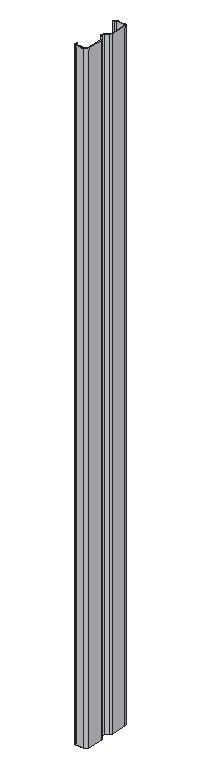
Revit family "SC_SigmaC", category Structural Columns, Revit 2022
Family settings
  Section Shape = Not Defined
  Material for Model Behavior = Steel
  Always export as geometry = No
  Beam cutback in plan = From bounding box
  Cut with Voids When Loaded = No
  Symbolic Representation = From Project Settings
  Shared = No
  Show family pre-cut in plan views = Yes
Parameters (values of type "SIGMA C 200x50x3")
  h = 10 mm
  e = 3 mm
  Structural Material [instance] = ASTM A36
  R2 = 3 mm
  H = 200 mm
  B = 50 mm
  Assembly Code = ""
  D = 20 mm
  R = 8 mm
Types (3, lengths in mm): name | H | B
  SIGMA C 300x75x3 | 300 | 75
  SIGMA C 250x75x3 | 250 | 75
  SIGMA C 200x50x3 | 200 | 50
Reference planes
  plane 1: y = 0
  plane 2: z = 0
  plane 3: x = 0
Forms (mm)
  Sweep 1, solid
    path origin (0, 0, 0) x (-1, 0, 0) y (0, 0, 1)
      loop
        line (0, 0) -> (0, 2500)
    profile "SigmaC : SigmaC" origin (0, 0, 1250) x (1, 0, 0) y (0, 1, 0)
      loop
        arc (-3, 27.577) -> (-3.609, 24.516) -> (-5.343, 21.92) r 8
        line (-5.343, 21.92) -> (-19.485, 7.778)
        arc (-19.485, 7.778) -> (-21.87, 4.21) -> (-22.707, 0) r 11
        arc (-22.707, 0) -> (-21.87, -4.21) -> (-19.485, -7.778) r 11
        line (-19.485, -7.778) -> (-5.343, -21.92)
        arc (-5.343, -21.92) -> (-3.609, -24.516) -> (-3, -27.577) r 8
        line (-3, -27.577) -> (-3, -89)
        arc (-3, -89) -> (-5.343, -94.657) -> (-11, -97) r 8
        line (-11, -97) -> (-44, -97)
        arc (-44, -97) -> (-46.121, -96.121) -> (-47, -94) r 3
        line (-47, -94) -> (-47, -90) -> (-50, -90) -> (-50, -94)
        arc (-50, -94) -> (-48.243, -98.243) -> (-44, -100) r 6
        line (-44, -100) -> (-11, -100)
        arc (-11, -100) -> (-3.222, -96.778) -> (0, -89) r 11
        line (0, -89) -> (0, -27.577)
        arc (0, -27.577) -> (-0.837, -23.368) -> (-3.222, -19.799) r 11
        line (-3.222, -19.799) -> (-17.364, -5.657)
        arc (-17.364, -5.657) -> (-19.098, -3.061) -> (-19.707, 0) r 8
        arc (-19.707, 0) -> (-19.098, 3.061) -> (-17.364, 5.657) r 8
        line (-17.364, 5.657) -> (-3.222, 19.799)
        arc (-3.222, 19.799) -> (-0.837, 23.368) -> (0, 27.577) r 11
        line (0, 27.577) -> (0, 89)
        arc (0, 89) -> (-3.222, 96.778) -> (-11, 100) r 11
        line (-11, 100) -> (-44, 100)
        arc (-44, 100) -> (-48.243, 98.243) -> (-50, 94) r 6
        line (-50, 94) -> (-50, 90) -> (-47, 90) -> (-47, 94)
        arc (-47, 94) -> (-46.121, 96.121) -> (-44, 97) r 3
        line (-44, 97) -> (-11, 97)
        arc (-11, 97) -> (-5.343, 94.657) -> (-3, 89) r 8
        line (-3, 89) -> (-3, 27.577)
Dimensions and locks
  aligned and locked: level to plane 2
Automatic sketch dimensions
  Sweep 1 sketch curve to level = 0 mm  (x2)
  Sweep 1 sketch curve to plane 3 = 0 mm
